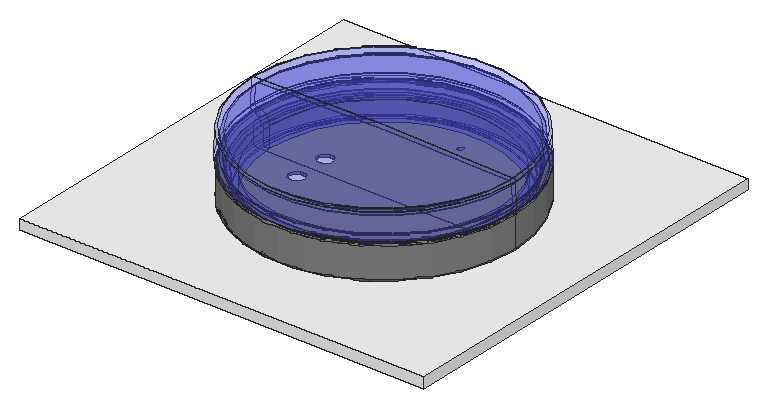
Revit family "BE_33680_de_DE", category Leuchten, Revit 2015
Parameters (values of type "BEGA_33680_Grafit_K4")
  built-in parameter 1150104 = 11.052 (stored number, unit not read)
  Wattage = 17.4 W
  Default Elevation = 0 mm
  built-in parameter 1150113 = 1 (stored number, unit not read)
  built-in parameter 1114218 = 1 (stored number, unit not read)
  Umgebungstemperatur = ""
  URL = "http://www.bega.de/produkt/33680"
  Typenkommentare = "© 2015 BEGA. Wir behalten uns das Recht vor, technische Änderungen ohne vorherige Ankündigung vorzunehmen."  # constant formula
  Type Image = 33680.png
  built-in parameter 1150134 = 12
  built-in parameter 1150109 = 1 (stored number, unit not read)
  Strom = ""
  built-in parameter 1150110 = 1 (stored number, unit not read)
  Spannung = 0 V
  Sonderanfertigung = no
  Seriennummer [instance] = "Hier können Sie die eindeutige Seriennummer für das Facility Management eintragen."
  Schutzklasse = "I"
  Schutzart = "IP 64"
  Scheinlast = 0 VA
  Produktdatenblatt = "http://www.bega.de/download/datenblaetter/de/33680.pdf"
  Neigungswinkel = 0.00°
  Modell = "33680K4"
  Material_11 = BEGA_Glas_opal
  Material_02 = BEGA_Oberfläche_Silber_matt
  Material_01 [instance] = BEGA_Oberfläche_Grafit_matt
  M_W = no
  M_G = yes
  M_A = no
  Logo = 0
  built-in parameter 1114217 = 1 (stored number, unit not read)
  built-in parameter 1150139 = (empty or 0)
  built-in parameter 1150105 = 164.72 (stored number, unit not read)
  built-in parameter 1150114 = 1 (stored number, unit not read)
  Lumens = 2069.9 lm
  built-in parameter 1150115 = 1 (stored number, unit not read)
  Leuchtenlichtstrom = "1186 lm"
  Leuchtenanzahl = ""
  Lebensdauerkriterien = "L70 = 50.000 h"
  Lastklassifizierung = Beleuchtung
  built-in parameter 1150112 = 1 (stored number, unit not read)
  Lampenlichtstrom = "2070 lm"
  Lampe = "LED 17.4 W"
  LED_Modulbezeichnung = "LED-0448/840"
  built-in parameter 1150142 = (empty or 0)
  Hersteller = "BEGA"  # constant formula
  Halbstreuwinkel = ""
  Gewicht = "2.2 kg"
  Gebrauchslageneinschränkung [instance] = ""
  Frequenz = "0/50-60 Hz"
  Farbwiedergabeindex = "Ra > 80"
  Farbtemperaturverschiebung bei Dämpfen der Lampe = <Keine Auswahl>
  Farbtemperatur = "4000 K"
  Color Filter = 16777215
  built-in parameter 1150133 = 10 (stored number, unit not read)
  Energieeffizienzklasse = "LED A++ - A"
  built-in parameter 1150137 = (empty or 0)
  built-in parameter 1150132 = (empty or 0)
  ENEC = ""
  Dimmbar [instance] = ""
  Datei für fotometrisches Netz = "BE_33680K4.IES"
  CE_Konformität = "ja"
  Bestellnummer = "33680K4"
  Beschreibung_Sonderanfertigung = "Hier können Sie Informationen zur Sonderanfertigung eintragen."
  Beschreibung = "Decken- und Wandleuchte"
  built-in parameter 1150106 = 1.6472 (stored number, unit not read)
  Befestigungsbohrung = "Ø 5,5 mm"
  Befestigungsabstand = "190 mm"
  BEGA_Intern_aus = yes
  BEGA_Intern_an = yes
  BEGA_Intern_Konstruktion = yes
  BEGA_Intern = yes
  BEGA_IES = yes
  BEGA_Dummy = no
  Anschlussleistung [instance] = "21.5 W"
  built-in parameter 1150107 = 4000 (stored number, unit not read)
  built-in parameter 1150102 = (empty or 0)
  built-in parameter 1150138 = (empty or 0)
  Aktualisierung = "2016-01-12T04:08:49"
  AC/DC = "AC/DC"
Types (5, lengths in mm): name | built-in parameter 1150104 | built-in parameter 1150134 | Modell | M_G | M_A | built-in parameter 1150105 | Lumens | Leuchtenlichtstrom | Lampenlichtstrom | LED_Modulbezeichnung | Farbtemperatur | Datei für fotometrisches Netz | Bestellnummer | built-in parameter 1150106 | built-in parameter 1150107
  (no name) | 11.052 (stored number, unit not read) | 12 | "33680K4" | yes | no | 164.72 (stored number, unit not read) | 2069.9 lm | "1186 lm" | "2070 lm" | "LED-0448/840" | "4000 K" | "BE_33680K4.IES" | "33680K4" | 1.6472 (stored number, unit not read) | 4000 (stored number, unit not read)
  BEGA_33680_Silber_K4 | 11.052 (stored number, unit not read) | 12 | "33680AK4" | no | yes | 164.72 (stored number, unit not read) | 2069.9 lm | "1186 lm" | "2070 lm" | "LED-0448/840" | "4000 K" | "BE_33680K4.IES" | "33680AK4" | 1.6472 (stored number, unit not read) | 4000 (stored number, unit not read)
  BEGA_33680_Silber_K3 | 10.465 (stored number, unit not read) | (empty or 0) | "33680A" | no | yes | 155.97 (stored number, unit not read) | 1959.94 lm | "1123 lm" | "1960 lm" | "LED-0448/830" | "3000 K" | "BE_33680.IES" | "33680A" | 1.5597 (stored number, unit not read) | 3000 (stored number, unit not read)
  BEGA_33680_Grafit_K4 | 11.052 (stored number, unit not read) | 12 | "33680K4" | yes | no | 164.72 (stored number, unit not read) | 2069.9 lm | "1186 lm" | "2070 lm" | "LED-0448/840" | "4000 K" | "BE_33680K4.IES" | "33680K4" | 1.6472 (stored number, unit not read) | 4000 (stored number, unit not read)
  BEGA_33680_Grafit_K3 | 10.465 (stored number, unit not read) | (empty or 0) | "33680" | yes | no | 155.97 (stored number, unit not read) | 1959.94 lm | "1123 lm" | "1960 lm" | "LED-0448/830" | "3000 K" | "BE_33680.IES" | "33680" | 1.5597 (stored number, unit not read) | 3000 (stored number, unit not read)
Reference planes
  plane 1 "Mitte (Vorne/Hinten)": y = 0
  plane 2: z = 0
  plane 3 "Mitte (Links/Rechts)": x = 0
  plane 4 "Links": x = -131.498
  plane 5 "Rechts": x = 131.498
  plane 6 "Unten": y = -131.483
  plane 7 "Oben": y = 131.446
  plane 8 "Vorne": z = 65.039
Forms (mm)
  Extrusion 1, solid, material "BEGA_Platte_Weiss"
    sketch origin (0, -1119.2, 0) x (1, 0, 0) y (0, 1, 0)
      loop
        line (-200, 1319.2) -> (-200, 919.2) -> (200, 919.2) -> (200, 1319.2) -> (-200, 1319.2)
    from 0 to -10
  Extrusion 2, solid, material "BEGA_Dummy_matt", visible <- "BEGA_Dummy"
    sketch origin (77.149, -76.023, 0) x (1, 0, 0) y (0, 1, 0)
      loop
        circle (-77.149, 76.023) r 131.499
    from 0 to 65.039
Dimensions and locks
  plane 1 "Mitte (Vorne/Hinten)" to Extrusion 1 = 200 mm
  aligned and locked: plane 2 to Extrusion 1
  aligned and locked: level to Extrusion 1
Nested families
  nested 1: "BE_33680" at (0, 0, 0), type "BE_33680"
Connectors
  electrical at (0, 0, 0), driven by "Lastklassifizierung", driven by "Spannung", driven by "Scheinlast"
    settings: index 1, voltage 0 V, apparent load 0 VA, apparent load phase1 0 VA, apparent load phase2 0 VA, apparent load phase3 0 VA, power factor 1, load classification "Beleuchtung", number of poles 1, system type 31, power factor state 1, is connector primary yes, connector utility no, sub classification motor no, connector description ""
Definition of nested family "BE_33680"
  Parameters (values of type "BE_33680")
    Default Elevation = 1 mm
    URL = "http://www.bega.de/de/produkt"
    Type Comments = "© 2015 BEGA. Wir behalten uns das Recht vor, technische Änderungen ohne vorherige Ankündigung vorzunehmen. "  # constant formula
    Type Image = (empty or 0)
    Material_17 = none
    Material_15 = none
    Material_11 = none
    Material_09 = none
    Material_06 = none
    Material_02 = none
    Material_01 = none
    M_W = yes
    M_G = yes
    M_A = yes
    Länge_Platte = 200 mm  # constant formula
    Höhe_Platte = -10 mm  # constant formula
    Manufacturer = "BEGA"  # constant formula
    Breite_Platte = 200 mm  # constant formula
  Reference planes
    plane 1 "Mitte (Oben/Unten)": y = 0
    plane 2: z = 0
    plane 3 "Mitte (Links/Rechts)": x = 0
    plane 4 "Vorne": z = 65.039
    plane 5 "Rechts": x = 131.498
    plane 6 "Oben": y = 131.446
    plane 7 "Unten": y = -131.483
    plane 8: x = -131.498
  Forms (mm)
    Extrusion 1, solid, detail levels medium
      sketch origin (0, 0, 0) x (1, 0, 0) y (0, 1, 0)
        loop
          line (-100, 100) -> (-100, -100) -> (100, -100) -> (100, 100) -> (-100, 100)
      from 0 to -10 <- "Höhe_Platte"
    Revolve 2, solid, material <- "Material_11", detail levels medium+fine
      sketch origin (0, 0, 0) x (1, 0, 0) y (0, 0, 1)
        loop
          arc (0, 65.043) -> (-64.321, 64.269) -> (-128.635, 63.044) r 9149.205
          arc (-128.635, 63.044) -> (-129.996, 62.465) -> (-130.588, 61.11) r 2
          line (-130.588, 61.11) -> (-131.499, 35.036)
          arc (-131.499, 35.036) -> (-130.952, 33.588) -> (-129.535, 32.964) r 2
          line (-129.535, 32.964) -> (-124.454, 32.876)
          arc (-124.454, 32.876) -> (-122.145, 31.214) -> (-122.885, 28.468) r 2.5
          arc (-122.885, 28.468) -> (-123.459, 26.769) -> (-122.218, 25.474) r 1.73
          line (-122.218, 25.474) -> (-119.241, 24.676)
          arc (-119.241, 24.676) -> (-118.707, 24.32) -> (-118.5, 23.712) r 1
          line (-118.5, 23.712) -> (-118.5, 6.657) -> (-118.5, 4.5) -> (-112.5, 4.5) -> (-112.5, 24.875)
          arc (-112.5, 24.875) -> (-115.967, 33.312) -> (-124.364, 36.875) r 12
          arc (-124.364, 36.875) -> (-126.498, 37.806) -> (-127.324, 39.983) r 3
          line (-127.324, 39.983) -> (-126.762, 56.054)
          arc (-126.762, 56.054) -> (-125.872, 58.084) -> (-123.83, 58.948) r 3
          arc (-123.83, 58.948) -> (-61.918, 60.105) -> (0, 60.842) r 9145.004
          line (0, 60.842) -> (0, 65.043)
        axis (0, 65.043) -> (0, 4.5)
      angle from 0 to 360
    Revolve 3, solid, material <- "Material_01", visible <- "M_G", detail levels medium+fine
      sketch origin (0, 0, 0) x (1, 0, 0) y (0, 0, 1)
        loop
          line (-124.849, 27.161) -> (-124, 28.009) -> (-128.095, 32.105)
          arc (-128.095, 32.105) -> (-128.533, 32.397) -> (-129.05, 32.5) r 1.35
          arc (-129.05, 32.5) -> (-130.003, 32.106) -> (-130.4, 31.155) r 1.35
          line (-130.4, 31.155) -> (-130.4, 1.5)
          arc (-130.4, 1.5) -> (-129.961, 0.439) -> (-128.9, 0) r 1.5
          line (-128.9, 0) -> (0, 0) -> (0, 2) -> (-128.2, 2)
          arc (-128.2, 2) -> (-128.907, 2.293) -> (-129.2, 3) r 1
          line (-129.2, 3) -> (-129.2, 31.512) -> (-124.849, 27.161)
        axis (0, 0) -> (0, 32.5)
      angle from 0 to 360
    Extrusion 4, void
      sketch origin (0, 0, 0) x (1, 0, 0) y (0, 1, 0)
        loop
          circle (0, 95) r 2.75
        loop
          circle (0, -95) r 2.75
        loop
          circle (-72, 17.5) r 7.5
        loop
          circle (-72, -17.5) r 7.5
      from 0 to 6.3
    Revolve 5, solid, material <- "Material_02", visible <- "M_A", detail levels medium+fine
      sketch origin (0, 0, 0) x (1, 0, 0) y (0, 0, 1)
        loop
          line (-124.849, 27.161) -> (-124, 28.009) -> (-128.095, 32.105)
          arc (-128.095, 32.105) -> (-128.533, 32.397) -> (-129.05, 32.5) r 1.35
          arc (-129.05, 32.5) -> (-130.003, 32.106) -> (-130.4, 31.155) r 1.35
          line (-130.4, 31.155) -> (-130.4, 1.5)
          arc (-130.4, 1.5) -> (-129.961, 0.439) -> (-128.9, 0) r 1.5
          line (-128.9, 0) -> (0, 0) -> (0, 2) -> (-128.2, 2)
          arc (-128.2, 2) -> (-128.907, 2.293) -> (-129.2, 3) r 1
          line (-129.2, 3) -> (-129.2, 31.512) -> (-124.849, 27.161)
        axis (0, 0) -> (0, 32.5)
      angle from 0 to 360
    Extrusion 6, void
      sketch origin (0, 0, 0) x (1, 0, 0) y (0, 1, 0)
        loop
          circle (0, 95) r 2.75
        loop
          circle (0, -95) r 2.75
        loop
          circle (-72, 17.5) r 7.5
        loop
          circle (-72, -17.5) r 7.5
      from 0 to 6.3
  Cuts and joins
    Extrusion 4 cuts Revolve 2
    Extrusion 4, Extrusion 6 cuts Revolve 3
    Extrusion 6 cuts Revolve 5
  Dimensions and locks
    equal spacing: Extrusion 1 sketch curve, plane 3 "Mitte (Links/Rechts)", Extrusion 1 sketch curve
    equal spacing: Extrusion 1 sketch curve, plane 1 "Mitte (Oben/Unten)", Extrusion 1 sketch curve
    "Länge_Platte": Extrusion 1 sketch curve to Extrusion 1 sketch curve
    "Breite_Platte": Extrusion 1 sketch curve to Extrusion 1 sketch curve
    aligned and locked: plane 2 to Extrusion 1
    aligned and locked: level to Extrusion 1
  Automatic sketch dimensions
    Revolve 2 sketch curve to Revolve 2 sketch curve = 0 mm  (x10)
    level to Revolve 2 sketch curve = 35.036 mm
    Revolve 2 sketch curve to Revolve 2 sketch curve = 0.911 mm
    level to Revolve 2 sketch curve = 32.964 mm
    Revolve 2 sketch curve to Revolve 2 sketch curve = 1.964 mm
    Revolve 2 sketch curve to Revolve 2 sketch curve = 0.035 mm
    Revolve 2 sketch curve to Revolve 2 sketch curve = 1.999 mm
    Revolve 2 sketch curve to Revolve 2 sketch curve = 2.176 mm
    Revolve 2 sketch curve to Revolve 2 sketch curve = 5.035 mm
    level to Revolve 2 sketch curve = 32.876 mm
    Revolve 2 sketch curve to Revolve 2 sketch curve = 0.046 mm  (x2)
    Revolve 2 sketch curve to Revolve 2 sketch curve = 2.998 mm  (x2)
    Revolve 2 sketch curve to Revolve 2 sketch curve = 4.825 mm
    Revolve 2 sketch curve to Revolve 2 sketch curve = 2.73 mm
    Revolve 2 sketch curve to Revolve 2 sketch curve = 2.27 mm  (x2)
    Revolve 2 sketch curve to Revolve 2 sketch curve = 1 mm
    Revolve 2 sketch curve to Revolve 2 sketch curve = 6 mm
    plane 3 "Mitte (Links/Rechts)" to Revolve 2 sketch curve = 0 mm
    plane 3 "Mitte (Links/Rechts)" to Revolve 2 sketch curve = 77.874 mm
    Revolve 2 sketch curve to Revolve 2 sketch curve = 2.5 mm
    Revolve 2 sketch curve to Revolve 2 sketch curve = 3.231 mm
    Revolve 2 sketch curve to Revolve 2 sketch curve = 3.433 mm
    Revolve 2 sketch curve to Revolve 2 sketch curve = 0.001 mm  (x3)
    level to Revolve 2 sketch curve = 6.657 mm
    Revolve 2 sketch curve to Revolve 2 sketch curve = 2.157 mm
    Revolve 2 sketch curve to Revolve 2 sketch curve = 6.999 mm
    Revolve 2 sketch curve to Revolve 2 sketch curve = 0.108 mm
    Revolve 2 sketch curve to Revolve 2 sketch curve = 16.075 mm
    level to Revolve 2 sketch curve = 60.842 mm
    Revolve 2 sketch curve to Revolve 2 sketch curve = 5.094 mm
    Revolve 2 sketch curve to Revolve 2 sketch curve = 0.067 mm
    Revolve 2 sketch curve to Revolve 2 sketch curve = 4.201 mm
    Revolve 2 sketch curve to Revolve 2 sketch curve = 0.039 mm
    Revolve 2 sketch curve to Revolve 2 sketch curve = 0.066 mm
    Revolve 2 sketch curve to Revolve 2 sketch curve = 1.115 mm
    Revolve 2 sketch curve to Revolve 2 sketch curve = 0.448 mm
    level to Revolve 2 sketch curve = 25.474 mm
    level to Revolve 2 sketch curve = 24.676 mm
    Revolve 2 sketch curve to Revolve 2 sketch curve = 0.259 mm
    Revolve 2 sketch curve to Revolve 2 sketch curve = 1.163 mm
    Revolve 2 sketch curve to Revolve 2 sketch curve = 14.026 mm
    Revolve 2 sketch curve to Revolve 2 sketch curve = 0.105 mm
    Revolve 3 sketch curve to Revolve 3 sketch curve = 0 mm  (x7)
    Revolve 3 sketch curve to level = 0 mm  (x2)
    Revolve 3 sketch curve to plane 3 "Mitte (Links/Rechts)" = 0 mm  (x2)
    level to Revolve 3 sketch curve = 28.009 mm
    level to Revolve 3 sketch curve = 27.161 mm
    Revolve 3 sketch curve to Revolve 3 sketch curve = 0.849 mm
    level to Revolve 3 sketch curve = 32.105 mm
    level to Revolve 3 sketch curve = 2 mm
    Revolve 3 sketch curve to Revolve 3 sketch curve = 3.351 mm
    Revolve 3 sketch curve to Revolve 3 sketch curve = 0.7 mm
    Revolve 3 sketch curve to Revolve 3 sketch curve = 0.955 mm  (x2)
    Revolve 3 sketch curve to Revolve 3 sketch curve = 1 mm
    Revolve 3 sketch curve to Revolve 3 sketch curve = 1.2 mm
    Revolve 3 sketch curve to Revolve 3 sketch curve = 0.5 mm
    Revolve 3 sketch curve to Revolve 3 sketch curve = 0.005 mm
    Revolve 3 sketch curve to Revolve 3 sketch curve = 0.362 mm
    Revolve 3 sketch curve to Revolve 3 sketch curve = 0.15 mm
    Revolve 3 sketch curve to Revolve 3 sketch curve = 13 mm
    Extrusion 4 sketch curve to plane 3 "Mitte (Links/Rechts)" = 0 mm  (x2)
    plane 1 "Mitte (Oben/Unten)" to Extrusion 4 sketch curve = 17.5 mm
    Extrusion 4 sketch curve to plane 3 "Mitte (Links/Rechts)" = 72 mm
    Extrusion 4 sketch curve to Extrusion 4 sketch curve = 0 mm
    plane 1 "Mitte (Oben/Unten)" to Extrusion 4 sketch curve = 95 mm
    Extrusion 4 sketch curve to plane 1 "Mitte (Oben/Unten)" = 17.5 mm
    Extrusion 4 sketch curve to plane 1 "Mitte (Oben/Unten)" = 95 mm
    Revolve 5 sketch curve to Revolve 5 sketch curve = 0 mm  (x7)
    Revolve 5 sketch curve to level = 0 mm  (x2)
    Revolve 5 sketch curve to plane 3 "Mitte (Links/Rechts)" = 0 mm  (x2)
    level to Revolve 5 sketch curve = 28.009 mm
    level to Revolve 5 sketch curve = 27.161 mm
    Revolve 5 sketch curve to Revolve 5 sketch curve = 0.849 mm
    level to Revolve 5 sketch curve = 32.105 mm
    level to Revolve 5 sketch curve = 2 mm
    Revolve 5 sketch curve to Revolve 5 sketch curve = 3.351 mm
    Revolve 5 sketch curve to Revolve 5 sketch curve = 0.7 mm
    Revolve 5 sketch curve to Revolve 5 sketch curve = 0.955 mm  (x2)
    Revolve 5 sketch curve to Revolve 5 sketch curve = 1 mm
    Revolve 5 sketch curve to Revolve 5 sketch curve = 1.2 mm
    Revolve 5 sketch curve to Revolve 5 sketch curve = 0.5 mm
    Revolve 5 sketch curve to Revolve 5 sketch curve = 0.005 mm
    Revolve 5 sketch curve to Revolve 5 sketch curve = 0.362 mm
    Revolve 5 sketch curve to Revolve 5 sketch curve = 0.15 mm
    Revolve 5 sketch curve to Revolve 5 sketch curve = 13 mm
    Extrusion 6 sketch curve to plane 3 "Mitte (Links/Rechts)" = 0 mm  (x2)
    plane 1 "Mitte (Oben/Unten)" to Extrusion 6 sketch curve = 17.5 mm
    Extrusion 6 sketch curve to plane 3 "Mitte (Links/Rechts)" = 72 mm
    Extrusion 6 sketch curve to Extrusion 6 sketch curve = 0 mm
    plane 1 "Mitte (Oben/Unten)" to Extrusion 6 sketch curve = 95 mm
    Extrusion 6 sketch curve to plane 1 "Mitte (Oben/Unten)" = 17.5 mm
    Extrusion 6 sketch curve to plane 1 "Mitte (Oben/Unten)" = 95 mm
    Revolve 2 sketch curve to level = 9083.831 mm
    Revolve 2 sketch curve to plane 3 "Mitte (Links/Rechts)" = 112.5 mm
    Revolve 3 sketch curve to plane 3 "Mitte (Links/Rechts)" = 124 mm
    Revolve 5 sketch curve to plane 3 "Mitte (Links/Rechts)" = 124 mm
    radius of Extrusion 4 sketch curve = 2.75 mm  (x2)
    radius of Extrusion 4 sketch curve = 7.5 mm  (x2)
    radius of Extrusion 6 sketch curve = 2.75 mm  (x2)
    radius of Extrusion 6 sketch curve = 7.5 mm  (x2)
